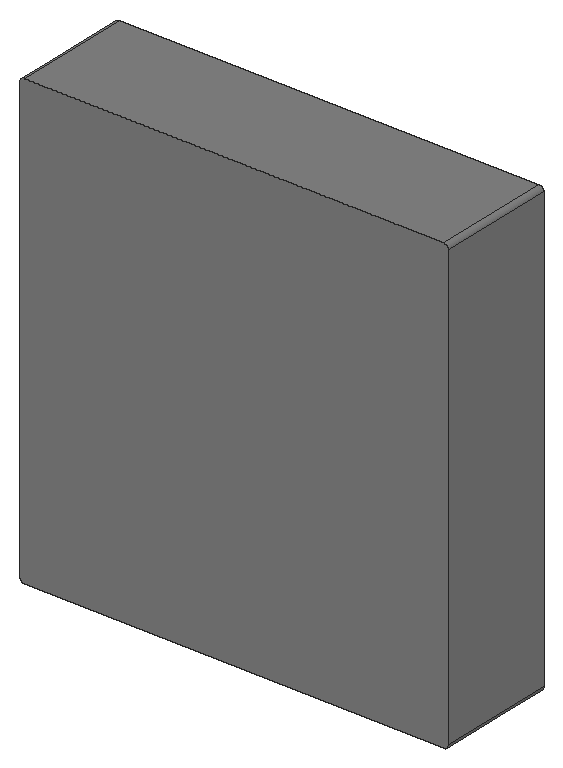
Revit family "Evoflat MSS_RFA", category Mechanical Equipment, Revit 2019
Family settings
  Round Connector Dimension = Use Diameter
  Classification = None
  Part Type = Normal
  OmniClass Number = 23.75.65.11.11
  OmniClass Title = Heating Controllers
  Work Plane-Based = No
  Always vertical = Yes
  Cut with Voids When Loaded = No
  Shared = No
  Room Calculation Point = No
Parameters (values of type "Evoflat MSS_Type 1_Cu_145B1700")
  With Front Insulation = no
  Weight = 10.00 kg  # constant formula
  W1 = 44 mm  # constant formula
  W = 150 mm  # constant formula
  Voltage = 230 V  # constant formula
  URL = ""
  Type Image = <None>
  Type Comments = ""
  Top [instance] = if(or(Clearance Zone Visibility, Clearance Zone Top Visibility), 1 = 1, 1 = 0)  # no
  Right [instance] = if(or(Clearance Zone Visibility, Clearance Zone Right Visibility), 1 = 1, 1 = 0)  # no
  Pressure Drop (HE) [instance] = 0.0 Pa
  Pressure Drop (DHW) [instance] = 0.0 Pa
  Pressure Drop (DH) [instance] = 0.0 Pa
  Pressure Drop (DCW) [instance] = 0.0 Pa
  Nut size = 30 mm  # constant formula
  Nominal Pressure = "PN 10"  # constant formula
  Model Type = "Evoflat MSS_Type 1_Cu"
  Model = "145B1700"
  Max Supply Temperature = "95 °C"  # constant formula
  Manufacturer = "Danfoss"  # constant formula
  Left [instance] = if(or(Clearance Zone Visibility, Clearance Zone Left Visibility), 1 = 1, 1 = 0)  # no
  LOD 350 = not(LOD 200)  # yes
  LOD 200 = no
  L1a = 43 mm  # constant formula
  L1 = 112 mm  # constant formula
  L = 545 mm  # constant formula
  Insulation Material = Danfoss EPP insulation
  IfcExportType = "EvoFlat MSS"  # constant formula
  IfcExportAs = "IfcFlowController"  # constant formula
  Heating Total Pressure Loss Primary = "8 kPa"  # constant formula
  Heating Flow Rate Supply = "645 l/h"  # constant formula
  Heating Circuit dT = "20 °C"  # constant formula
  Heating Capacity = 15 kW  # constant formula
  HEX material = Danfoss Copper
  H3 = 575 mm  # constant formula
  H2 = 13 mm  # constant formula
  H1 = 5 mm  # constant formula
  H = H3 + H2  # 588 mm
  Front Insulation = if(and(With Front Insulation, LOD 350), 1 = 1, 1 = 0)  # no
  Front [instance] = if(or(Clearance Zone Visibility, Clearance Zone Front Visibility), 1 = 1, 1 = 0)  # no
  Flow (HE) [instance] = 0.0 L/s
  Flow (DHW) [instance] = 0.0 L/s
  Flow (DH) [instance] = 0.0 L/s
  Flow (DCW) [instance] = 0.0 L/s
  Description = "Flat Station"  # constant formula
  DHW capacity = 43 kW
  DHW Temperature DHS/DHR = "65/22 °C"
  DHW Tap Load 50°C = "15.3 l/min"
  DHW Pressure Loss Primary = "40 kPa"
  DHW Flow Rate Primary = "850 l/h"
  D = 20 mm  # constant formula
  Connection = "G 3/4 Internal Thread"  # constant formula
  Clearance Zone Visibility [instance] = no
  Clearance Zone Top Visibility [instance] = no
  Clearance Zone Top [instance] = 25 mm  # constant formula
  Clearance Zone Right Visibility [instance] = no
  Clearance Zone Right [instance] = 50 mm  # constant formula
  Clearance Zone Left Visibility [instance] = no
  Clearance Zone Left [instance] = 50 mm  # constant formula
  Clearance Zone Front Visibility [instance] = no
  Clearance Zone Front [instance] = 150 mm  # constant formula
  Clearance Zone Bottom Visibility [instance] = no
  Clearance Zone Bottom [instance] = 25 mm  # constant formula
  Bottom [instance] = if(or(Clearance Zone Visibility, Clearance Zone Bottom Visibility), 1 = 1, 1 = 0)  # no
  Assembly Code = ""
Types (9, lengths in mm): name | With Front Insulation | Model Type | Model | HEX material | Front Insulation | DHW capacity | DHW Temperature DHS/DHR | DHW Tap Load 50°C | DHW Pressure Loss Primary | DHW Flow Rate Primary
  Evoflat MSS_Type 1_Cu_145B1700 | no | "Evoflat MSS_Type 1_Cu" | "145B1700" | Danfoss Copper | no | 43 kW | "65/22 °C" | "15.3 l/min" | "40 kPa" | "850 l/h"
  Evoflat MSS_Type 3_Cu_145B1707 | no | "Evoflat MSS_Type 3_Cu" | "145B1707" | Danfoss Copper | no | 55 kW | "65/16 °C" | "19.4 l/min" | "27 kPa" | "950 l/h"
  Evoflat MSS_Type 2_Cu_145B1703 | no | "Evoflat MSS_Type 2_Cu" | "145B1703" | Danfoss Copper | no | 49 kW | "65/21 °C" | "17.5 l/min" | "30 kPa" | "950 l/h"
  Evoflat MSS_Type 1_Cu_Ins_145B1710 | yes | "Evoflat MSS_Type 1_Cu_Ins" | "145B1710" | Danfoss Copper | yes | 43 kW | "65/22 °C" | "15.3 l/min" | "40 kPa" | "850 l/h"
  Evoflat MSS_Type 2_Cu_Ins_145B1713 | yes | "Evoflat MSS_Type 2_Cu_Ins" | "145B1713" | Danfoss Copper | yes | 49 kW | "65/21 °C" | "17.5 l/min" | "30 kPa" | "950 l/h"
  Evoflat MSS_Type 3_Cu_Ins_145B1717 | yes | "Evoflat MSS_Type 3_Cu_Ins" | "145B1717" | Danfoss Copper | yes | 55 kW | "65/16 °C" | "19.4 l/min" | "27 kPa" | "950 l/h"
  Evoflat MSS_Type 1_StS_Ins_145B1754 | yes | "Evoflat MSS_Type 1_StS_Ins" | "145B1754" | Danfoss Stainless Steel | yes | 43 kW | "65/22 °C" | "15.3 l/min" | "40 kPa" | "850 l/h"
  Evoflat MSS_Type 2_StS_Ins_145B1755 | yes | "Evoflat MSS_Type 2_StS_Ins" | "145B1755" | Danfoss Stainless Steel | yes | 49 kW | "65/21 °C" | "17.5 l/min" | "30 kPa" | "950 l/h"
  Evoflat MSS_Type 3_StS_Ins_145B1756 | yes | "Evoflat MSS_Type 3_StS_Ins" | "145B1756" | Danfoss Stainless Steel | yes | 55 kW | "65/16 °C" | "19.4 l/min" | "27 kPa" | "950 l/h"
Reference planes
  plane 1 "Center (Front/Back)": y = 0
  plane 2: z = 0
  plane 3 "Center (Left/Right)": x = 0
  plane 4: y = -44
  plane 5: x = -272.5
  plane 6: x = 272.5
  plane 7: z = 575
  plane 8: y = -150
  plane 9: z = 5
  plane 10: z = -13
  plane 11: x = -160.5
  plane 12: x = 229.5
  plane 13: y = -41.5
Forms (mm)
  Extrusion 1, solid, material "Danfoss EPP insulation", visible <- "LOD 200"
    sketch origin (0, 0, 0) x (1, 0, 0) y (0, 0, 1)
      loop
        line (-272.5, 575) -> (-272.5, 0) -> (272.5, 0) -> (272.5, 575) -> (-272.5, 575)
    from 0 to 150 <- "W"
  Extrusion 2, solid, material "Danfoss Brass"
    sketch origin (8.5, 0, -5) x (1, 0, 0) y (0, 1, 0)
      loop
        line (-169, -26.679) -> (-184, -35.34) -> (-184, -52.66) -> (-169, -61.321) -> (-154, -52.66) -> (-154, -35.34) -> (-169, -26.679)
    from -8 to 10
  Extrusion 3, solid, visible <- "Front"
    sketch origin (15, -150, 238.394) x (1, 0, 0) y (0, 0, 1)
      loop
        line (-287.5, 336.606) -> (-287.5, -238.394) -> (257.5, -238.394) -> (257.5, 336.606) -> (-287.5, 336.606)
    from 150 <- "Clearance Zone Front" to 0
  Extrusion 4, solid, visible <- "Right"
    sketch origin (0, 0, 0) x (1, 0, 0) y (0, 0, 1)
      loop
        line (272.5, 575) -> (272.5, 0) -> (322.5, 0) -> (322.5, 575) -> (272.5, 575)
    from 150 <- "W" to 0
  Extrusion 5, solid, visible <- "Left"
    sketch origin (0, 0, 0) x (1, 0, 0) y (0, 0, 1)
      loop
        line (-272.5, 575) -> (-322.5, 575) -> (-322.5, 0) -> (-272.5, 0) -> (-272.5, 575)
    from 150 <- "W" to 0
  Extrusion 6, solid, visible <- "Top"
    sketch origin (0, 0, 0) x (1, 0, 0) y (0, 0, 1)
      loop
        line (-272.5, 575) -> (272.5, 575) -> (272.5, 600) -> (-272.5, 600) -> (-272.5, 575)
    from 150 <- "W" to 0
  Extrusion 7, solid, visible <- "Bottom"
    sketch origin (0, 0, 0) x (1, 0, 0) y (0, 0, 1)
      loop
        line (-272.5, 0) -> (-272.5, -25) -> (272.5, -25) -> (272.5, 0) -> (-272.5, 0)
    from 150 <- "W" to 0
  Extrusion 8, solid, material "Danfoss Brass"
    sketch origin (390, 0, -5) x (1, 0, 0) y (0, 1, 0)
      loop
        line (-169, -26.679) -> (-184, -35.34) -> (-184, -52.66) -> (-169, -61.321) -> (-154, -52.66) -> (-154, -35.34) -> (-169, -26.679)
    from -8 to 10
  Extrusion 9, solid, material "Danfoss Brass"
    sketch origin (72.083, 0, -5) x (1, 0, 0) y (0, 1, 0)
      loop
        line (-169, -26.679) -> (-184, -35.34) -> (-184, -52.66) -> (-169, -61.321) -> (-154, -52.66) -> (-154, -35.34) -> (-169, -26.679)
    from -8 to 10
  Extrusion 10, solid, material "Danfoss Brass"
    sketch origin (135.667, 0, -5) x (1, 0, 0) y (0, 1, 0)
      loop
        line (-169, -26.679) -> (-184, -35.34) -> (-184, -52.66) -> (-169, -61.321) -> (-154, -52.66) -> (-154, -35.34) -> (-169, -26.679)
    from -8 to 10
  Extrusion 11, solid, material "Danfoss Brass"
    sketch origin (199.25, 0, -5) x (1, 0, 0) y (0, 1, 0)
      loop
        line (-169, -26.679) -> (-184, -35.34) -> (-184, -52.66) -> (-169, -61.321) -> (-154, -52.66) -> (-154, -35.34) -> (-169, -26.679)
    from -8 to 10
  Extrusion 12, solid, material "Danfoss Brass"
    sketch origin (262.833, 0, -5) x (1, 0, 0) y (0, 1, 0)
      loop
        line (-169, -26.679) -> (-184, -35.34) -> (-184, -52.66) -> (-169, -61.321) -> (-154, -52.66) -> (-154, -35.34) -> (-169, -26.679)
    from -8 to 10
  Extrusion 13, solid, material "Danfoss Brass"
    sketch origin (326.417, 0, -5) x (1, 0, 0) y (0, 1, 0)
      loop
        line (-169, -26.679) -> (-184, -35.34) -> (-184, -52.66) -> (-169, -61.321) -> (-154, -52.66) -> (-154, -35.34) -> (-169, -26.679)
    from -8 to 10
  Extrusion 14, solid, material "Danfoss EPP insulation" <- "Insulation Material", visible <- "LOD 350"
    sketch origin (0, 0, 0) x (1, 0, 0) y (0, 0, 1)
      loop
        arc (-266.5, 575) -> (-270.743, 573.243) -> (-272.5, 569) r 6
        line (-272.5, 569) -> (-272.5, 6)
        arc (-272.5, 6) -> (-270.743, 1.757) -> (-266.5, 0) r 6
        line (-266.5, 0) -> (266.5, 0)
        arc (266.5, 0) -> (270.743, 1.757) -> (272.5, 6) r 6
        line (272.5, 6) -> (272.5, 569)
        arc (272.5, 569) -> (270.743, 573.243) -> (266.5, 575) r 6
        line (266.5, 575) -> (-266.5, 575)
    from 150 to 0
  Extrusion 15, void
    sketch origin (0, 0, 0) x (1, 0, 0) y (0, 0, 1)
      loop
        line (-67.5, 0) -> (67.5, 0) -> (67.5, 575) -> (-67.5, 575) -> (-67.5, 0)
    from 150 to 152
  Extrusion 16, solid, material "Danfoss Plastic White", visible <- "Front Insulation"
    sketch origin (0, 0, 0) x (1, 0, 0) y (0, 0, 1)
      loop
        line (-67.5, 575) -> (-67.5, 0) -> (67.5, 0) -> (67.5, 575) -> (-67.5, 575)
    from 152 to 150
Cuts and joins
  Extrusion 15 cuts Extrusion 3
  Extrusion 15 cuts Extrusion 14
Dimensions and locks
  "Clearance Zone Right": Extrusion 4 sketch curve to Extrusion 3
  "Clearance Zone Left": Extrusion 5 sketch curve to Extrusion 3
  "H3": plane 7 to plane 2
  equal spacing: plane 6, plane 3 "Center (Left/Right)", plane 5
  "L": plane 6 to plane 5
  "W": plane 8 to plane 1 "Center (Front/Back)"
  "H1": plane 9 to level
  "H2": plane 2 to plane 10
  "W1": plane 4 to plane 1 "Center (Front/Back)"
  "L1": plane 5 to plane 11
  "Nut size": Extrusion 2 sketch curve to Extrusion 2 sketch curve  (x3)
  "L1a": plane 12 to plane 6
  "Nut size": Extrusion 8 sketch curve to Extrusion 8 sketch curve  (x3)
  equal spacing: group 1, group 3, group 4, group 5, group 6, group 7, group 2  (x3)
  "Nut size": Extrusion 9 sketch curve to Extrusion 9 sketch curve  (x3)
  "Nut size": Extrusion 10 sketch curve to Extrusion 10 sketch curve  (x3)
  "Nut size": Extrusion 11 sketch curve to Extrusion 11 sketch curve  (x3)
  "Nut size": Extrusion 12 sketch curve to Extrusion 12 sketch curve  (x3)
  "Nut size": Extrusion 13 sketch curve to Extrusion 13 sketch curve  (x3)
  locked: plane 13 to plane 1 "Center (Front/Back)" at 41.5
  level to Extrusion 14 = 575 mm
  equal spacing: Extrusion 15 sketch curve, plane 3 "Center (Left/Right)", Extrusion 15 sketch curve
  Extrusion 15 sketch curve to Extrusion 15 sketch curve = 135 mm
  "Clearance Zone Bottom": plane 2 to Extrusion 7 sketch curve
  "Clearance Zone Top": Extrusion 6 sketch curve to plane 7
  plane 11 to plane 3 "Center (Left/Right)" = 160.5 mm
  radius of Extrusion 14 sketch curve = 6 mm  (x4)
  angle Extrusion 2 sketch curve to Extrusion 2 sketch curve = 120.00°  (x3)
  angle Extrusion 8 sketch curve to Extrusion 8 sketch curve = 120.00°  (x3)
  angle Extrusion 9 sketch curve to Extrusion 9 sketch curve = 120.00°  (x3)
  angle Extrusion 10 sketch curve to Extrusion 10 sketch curve = 120.00°  (x3)
  angle Extrusion 11 sketch curve to Extrusion 11 sketch curve = 120.00°  (x3)
  angle Extrusion 12 sketch curve to Extrusion 12 sketch curve = 120.00°  (x3)
  angle Extrusion 13 sketch curve to Extrusion 13 sketch curve = 120.00°  (x3)
  aligned and locked: level to plane 2
  aligned and locked: Extrusion 3 sketch curve to Extrusion 1  (x2)
  aligned and locked: plane 2 to Extrusion 1 sketch curve
  aligned and locked: plane 5 to Extrusion 1 sketch curve
  aligned and locked: Extrusion 1 sketch curve to plane 6
  aligned and locked: plane 9 to Extrusion 2
  aligned and locked: Extrusion 2 to plane 10
  aligned and locked: plane 11 to Extrusion 2
  aligned and locked: Extrusion 14 sketch curve to plane 6
  aligned and locked: plane 8 to Extrusion 14
  aligned and locked: Extrusion 14 to plane 1 "Center (Front/Back)"
  aligned and locked: Extrusion 4 to Extrusion 15
  aligned and locked: Extrusion 3 sketch curve to plane 7
  aligned and locked: plane 2 to Extrusion 3 sketch curve
  aligned and locked: plane 2 to Extrusion 4 sketch curve
  aligned and locked: Extrusion 4 sketch curve to plane 7
  aligned and locked: plane 6 to Extrusion 4 sketch curve
  aligned and locked: Extrusion 5 sketch curve to plane 2
  aligned and locked: plane 7 to Extrusion 5 sketch curve
  aligned and locked: plane 5 to Extrusion 5 sketch curve
  aligned and locked: Extrusion 7 sketch curve to plane 2
  aligned and locked: plane 5 to Extrusion 7 sketch curve
  aligned and locked: Extrusion 7 sketch curve to plane 6
  aligned and locked: Extrusion 6 sketch curve to plane 7
  aligned and locked: Extrusion 6 sketch curve to plane 5
  aligned and locked: plane 6 to Extrusion 6 sketch curve
  aligned and locked: plane 7 to Extrusion 14
  aligned and locked: plane 7 to Extrusion 15
  aligned and locked: Extrusion 15 to level
  aligned and locked: plane 9 to Extrusion 9
  aligned and locked: Extrusion 14 to level
  aligned and locked: Extrusion 16 to Extrusion 1
  aligned and locked: Extrusion 16 to cut or joined group of Extrusion 3, Extrusion 15
  aligned and locked: plane 7 to Extrusion 1
Automatic sketch dimensions
  Extrusion 2 sketch curve to Extrusion 2 sketch curve = 15 mm
  Extrusion 8 sketch curve to Extrusion 8 sketch curve = 15 mm
  Extrusion 9 sketch curve to Extrusion 9 sketch curve = 15 mm
  Extrusion 10 sketch curve to Extrusion 10 sketch curve = 15 mm
  Extrusion 11 sketch curve to Extrusion 11 sketch curve = 15 mm
  Extrusion 12 sketch curve to Extrusion 12 sketch curve = 15 mm
  Extrusion 13 sketch curve to Extrusion 13 sketch curve = 15 mm
  Extrusion 14 sketch curve to plane 5 = 0 mm
  Extrusion 16 sketch curve to plane 3 "Center (Left/Right)" = 67.5 mm
  plane 3 "Center (Left/Right)" to Extrusion 16 sketch curve = 67.5 mm
  Extrusion 1 sketch curve to plane 7 = 0 mm
  Extrusion 14 sketch curve to plane 7 = 6 mm
  Extrusion 15 sketch curve to plane 7 = 0 mm
  Extrusion 16 sketch curve to plane 7 = 0 mm
  plane 9 to Extrusion 14 sketch curve = 1 mm
  Extrusion 15 sketch curve to plane 9 = 5 mm
  Extrusion 16 sketch curve to level = 0 mm
Connectors
  piping at (-160.5, -44, -13), diameter 20, driven by "D", driven by "Flow (DCW)"
    settings: on Extrusion 2, index 1, connector inside diameter 609.6 mm, connector length 0 mm, flow factor 0, pipe flow 0.0 L/s, pressure drop 0.0 Pa, fitting loss kfactor 0, connector angle 0.00°, fixture units 0, engagement length 0 mm, angle of deflection 0.00°, flow configuration 0, flow direction 1, fitting loss method 0, system type 20, joint type 0, gender type 0, connector reference index -1, connector utility 0, adjustable connector no, is connector primary yes, connector description ""
  piping at (-96.917, -44, -13), diameter 20, driven by "D", driven by "Flow (DHW)"
    settings: on Extrusion 9, index 2, connector inside diameter 609.6 mm, connector length 0 mm, flow factor 0, pipe flow 0.0 L/s, pressure drop 0.0 Pa, fitting loss kfactor 0, connector angle 0.00°, fixture units 0, engagement length 0 mm, angle of deflection 0.00°, flow configuration 0, flow direction 2, fitting loss method 0, system type 19, joint type 0, gender type 0, connector reference index -1, connector utility 0, adjustable connector no, is connector primary no, connector description ""
  piping at (-33.333, -44, -13), diameter 20, driven by "D", driven by "Flow (DCW)"
    settings: on Extrusion 10, index 3, connector inside diameter 609.6 mm, connector length 0 mm, flow factor 0, pipe flow 0.0 L/s, pressure drop 0.0 Pa, fitting loss kfactor 0, connector angle 0.00°, fixture units 0, engagement length 0 mm, angle of deflection 0.00°, flow configuration 0, flow direction 2, fitting loss method 0, system type 20, joint type 0, gender type 0, connector reference index -1, connector utility 0, adjustable connector no, is connector primary no, connector description ""
  piping at (30.25, -44, -13), diameter 20, driven by "D", driven by "Flow (DH)"
    settings: on Extrusion 11, index 4, connector inside diameter 609.6 mm, connector length 0 mm, flow factor 0, pipe flow 0.0 L/s, pressure drop 0.0 Pa, fitting loss kfactor 0, connector angle 0.00°, fixture units 0, engagement length 0 mm, angle of deflection 0.00°, flow configuration 0, flow direction 1, fitting loss method 0, system type 7, joint type 0, gender type 0, connector reference index -1, connector utility 0, adjustable connector no, is connector primary no, connector description ""
  piping at (93.833, -44, -13), diameter 20, driven by "D", driven by "Flow (DH)"
    settings: on Extrusion 12, index 5, connector inside diameter 609.6 mm, connector length 0 mm, flow factor 0, pipe flow 0.0 L/s, pressure drop 0.0 Pa, fitting loss kfactor 0, connector angle 0.00°, fixture units 0, engagement length 0 mm, angle of deflection 0.00°, flow configuration 0, flow direction 2, fitting loss method 0, system type 8, joint type 0, gender type 0, connector reference index -1, connector utility 0, adjustable connector no, is connector primary no, connector description ""
  piping at (157.417, -44, -13), diameter 20, driven by "D", driven by "Flow (HE)"
    settings: on Extrusion 13, index 6, connector inside diameter 609.6 mm, connector length 0 mm, flow factor 0, pipe flow 0.0 L/s, pressure drop 0.0 Pa, fitting loss kfactor 0, connector angle 0.00°, fixture units 0, engagement length 0 mm, angle of deflection 0.00°, flow configuration 0, flow direction 2, fitting loss method 0, system type 7, joint type 0, gender type 0, connector reference index -1, connector utility 0, adjustable connector no, is connector primary no, connector description ""
  piping at (221, -44, -13), diameter 20, driven by "D", driven by "Flow (HE)"
    settings: on Extrusion 8, index 7, connector inside diameter 609.6 mm, connector length 0 mm, flow factor 0, pipe flow 0.0 L/s, pressure drop 0.0 Pa, fitting loss kfactor 0, connector angle 0.00°, fixture units 0, engagement length 0 mm, angle of deflection 0.00°, flow configuration 0, flow direction 1, fitting loss method 0, system type 8, joint type 0, gender type 0, connector reference index -1, connector utility 0, adjustable connector no, is connector primary no, connector description ""
